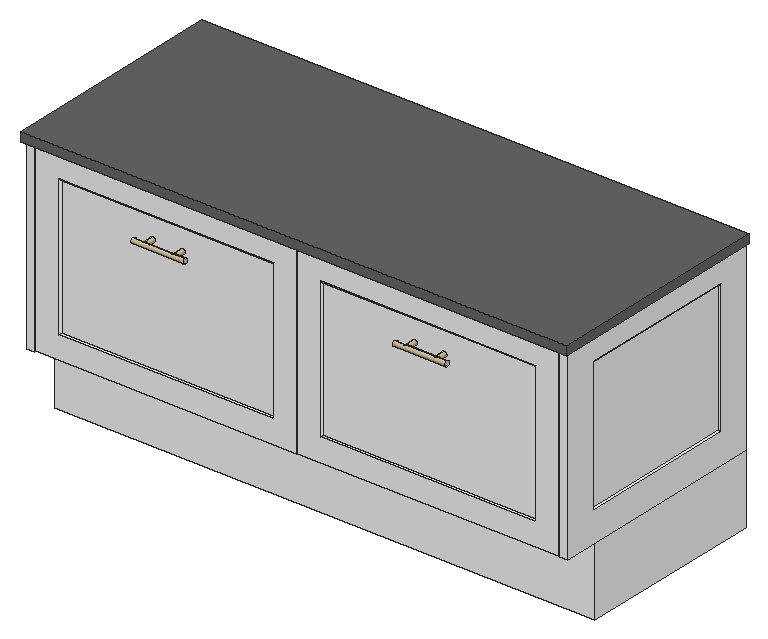
Revit family "Reece_Vanity_Kado_Lux", category Casework, Revit 2018
Family settings
  Work Plane-Based = No
  Always vertical = No
  Cut with Voids When Loaded = Yes
  Shared = Yes
  Room Calculation Point = Yes
Parameters (values of type "Reece_All_Types")
  Width = Reece_Vanity_Top_Width  # 1200 mm
  URL = "https://www.reece.com.au/product/-"
  Type Comments = "Vanity"
  Reece_Wall_Hung [instance] = not(Reece_Floor_Mount)  # no
  Reece_Vanity_Top_Width = 1200 mm
  Reece_Vanity_Top_Height = 580 mm
  Reece_Vanity_Top_Depth = 500 mm
  Reece_Vanity_Double_Bowl [instance] = Reece_Vanity_Bowl_Count = 2  # yes
  Reece_Vanity_Centre_Bowl [instance] = Reece_Vanity_Bowl_Count = 1  # no
  Reece_Vanity_Cabinet_Width [instance] = Reece_Vanity_Top_Width - 12 mm  # 1188 mm
  Reece_Vanity_Cabinet_Kickplate_Depth [instance] = Reece_Vanity_Cabinet_Depth - 75 mm  # 414 mm
  Reece_Vanity_Cabinet_KickplateOrInstallation_Height = 150 mm
  Reece_Vanity_Cabinet_Height [instance] = if(Reece_Floor_Mount, (Reece_Vanity_Top_Height - Reece_Panel_Thickness_Top - Reece_Vanity_Cabinet_KickplateOrInstallation_Height), (Reece_Vanity_Top_Height - Reece_Panel_Thickness_Top))  # 410 mm
  Reece_Vanity_Cabinet_Depth [instance] = Reece_Vanity_Top_Depth - 11 mm  # 489 mm
  Reece_Vanity_Bowl_Count = 2
  Reece_Product_Web Page = "https://www.reece.com.au/product/-"
  Reece_Product_Type = "Vanity"  # constant formula
  Reece_Product_Sub Brand = "Lux"  # constant formula
  Reece_Product_Number = ""
  Reece_Product_Mount = ""
  Reece_Product_Finishes_Web Page = "https://digitalassets.reecegroup.com.au/m/31b9ef17aee8c290/original/Kado-Colour-Finish-and-Material-Variations.pdf"
  Reece_Product_Description = ""
  Reece_Product_Brand = "Kado"  # constant formula
  Reece_Panels_Count = 2
  Reece_Panel_Width [instance] = Reece_Distance_Calculation  # 573.75 mm
  Reece_Panel_Thickness_Top [instance] = 20 mm  # constant formula
  Reece_Panel_Thickness_Side [instance] = 18 mm  # constant formula
  Reece_Panel_Thickness_Front [instance] = 18 mm  # constant formula
  Reece_Panel_Thickness_Bottom [instance] = 18 mm  # constant formula
  Reece_Panel_Thickness_Back [instance] = 18 mm  # constant formula
  Reece_Panel_Height [instance] = Reece_Vanity_Cabinet_Height - (Reece_Panel_Gap * 2)  # 407 mm
  Reece_Panel_Gap [instance] = 1.5 mm  # constant formula
  Reece_Panel_Depth [instance] = Reece_Vanity_Cabinet_Depth  # 489 mm
  Reece_Panel_Count_Doors [instance] = if(Reece_Panels_Count = 1, 2, Reece_Panels_Count)  # 2
  Reece_Material_Secondary = Reece_Acrylic_White
  Reece_Material_Handle = Reece_Brass_Brushed Gold
  Reece_Material_Cabinet = Reece_Acrylic_White
  Reece_Material_Benchtop = Reece_Acrylic_Grey
  Reece_Floor_Mount = yes
  Reece_Drawer_Width [instance] = Reece_Distance_Calculation  # 573.75 mm
  Reece_Panel_Offset [instance] = ((Reece_Distance_Calculation / 2) + Reece_Panel_Thickness_Side) + Reece_Panel_Gap  # 306.375 mm
  Reece_Drawer_Height [instance] = (Reece_Vanity_Cabinet_Height / 2) - (Reece_Panel_Gap * 2)  # 202 mm
  Reece_Drawer_Handle_Width [instance] = if(Reece_Door_Switch, 115 mm, 245 mm)  # 115 mm
  Reece_Drawer_Depth [instance] = Reece_Vanity_Cabinet_Depth - Reece_Panel_Thickness_Back - Reece_Panel_Thickness_Front - Reece_Panel_Thickness_Back - 120 mm  # 315 mm
  Reece_Drawer 02 [instance] = and(if(Reece_Panels_Count = 2, 1 = 1, 1 = 0), not(Reece_Door_Switch))  # no
  Reece_Drawer 01 [instance] = and(or(Reece_Panels_Count = 1, Reece_Panels_Count = 2), not(Reece_Door_Switch))  # no
  Reece_Door_Switch = yes
  Reece_Distance_Calculation [instance] = ((Reece_Vanity_Cabinet_Width) - (Reece_Panel_Thickness_Side * 2) - ((Reece_Panels_Count + 1) * Reece_Panel_Gap)) / (Reece_Panels_Count)  # 573.75 mm
  Reece_Detail_Taphole Configuration = ""
  Reece_Detail_Disclaimer = "THIS FILE IS THE PROPERTY OF THE REECE GROUP. IT MAY NOT BE REPRODUCED, REVERSE-ENGINEERED OR MODIFIED. ANY REPUBLICATION, TRANSMISSION OR DISTRIBUTION FOR THE PURPOSE OF COMMERCIALLY EXPLOITING THE FILES IS PROHIBITED."  # constant formula
  Reece_Detail_Bowl Type = ""
  Reece_Detail_Additional = "Please refer to Colour, Finish and Material Variations Document in the Reece_Product_Finishes_Web Page parameter for more information."  # constant formula
  Reece_Centre_Panel [instance] = if(Reece_Panels_Count > 1, 1 = 1, 1 = 0)  # yes
  Model = "Lux"
  Manufacturer = "Kado"
  Keynote = "Product #, Reece_Vanity_Kado_Lux - Reece_All_Types"
  Height = Reece_Vanity_Top_Height  # 580 mm
  Finish = "Please refer to Colour, Finish and Material Variations Document in the Reece_Product_Finishes_Web Page parameter for more information."
  Disclaimer = "THIS FILE IS THE PROPERTY OF THE REECE GROUP. IT MAY NOT BE REPRODUCED, REVERSE-ENGINEERED OR MODIFIED. ANY REPUBLICATION, TRANSMISSION OR DISTRIBUTION FOR THE PURPOSE OF COMMERCIALLY EXPLOITING THE FILES IS PROHIBITED."  # constant formula
  Description = "-"
  Depth = Reece_Vanity_Top_Depth  # 500 mm
Reference planes
  plane 1 "Center (Front/Back)": y = 370
  plane 2 "Bottom Host Plane": z = 150
  plane 3 "Center (Left/Right)": x = 0
  plane 4: x = -594
  plane 5: x = 594
  plane 6 "Top Host Plane": z = 580
  plane 7: y = -119
  plane 8: x = -576
  plane 9: x = 576
  plane 10 "Top p": z = 560
  plane 11: z = 252.5
  plane 12: z = 457.5
  plane 13: z = 355
  plane 14: y = 352
  plane 15: z = 168
  plane 16: y = -101
  plane 17: y = -83
  plane 18 "Top q": z = 480
  plane 19: x = -600
  plane 20: x = 600
  plane 21: y = -130
  plane 22: y = -44
  plane 23: y = -26
  plane 24: y = 302
  plane 25 "Top r": z = 510
  plane 26: y = -51
  plane 27: z = 218
  plane 28: x = 590.5
  plane 29: x = -590.5
  plane 30: x = -287.625
  plane 31: x = 287.625
  plane 32: y = 120
  plane 33: x = -9
  plane 34: x = 9
Forms (mm)
  Extrusion 1, solid, material "Reece_Acrylic_White" <- "Reece_Material_Cabinet"
    sketch origin (0, 0, 0) x (0, 1, 0) y (0, 0, 1)
      loop
        line (352, 560) -> (352, 150) -> (370, 150) -> (370, 560) -> (352, 560)
    from -594 to 594
  Extrusion 2, solid, material "Reece_Acrylic_White" <- "Reece_Material_Cabinet"
    sketch origin (-821.21, -100, 1200) x (-1, 0, 0) y (0, 0, -1)
      loop
        line (-227.21, 640) -> (-227.21, 1050) -> (-245.21, 1050) -> (-245.21, 640) -> (-227.21, 640)
      loop
        line (-1415.21, 640) -> (-1397.21, 640) -> (-1397.21, 1050) -> (-1415.21, 1050) -> (-1415.21, 640)
    from -452 to 19
  Extrusion 3, solid, material "Reece_Acrylic_White" <- "Reece_Material_Cabinet"
    sketch origin (0, 0, 0) x (0, 1, 0) y (0, 0, 1)
      loop
        line (352, 168) -> (-101, 168) -> (-101, 150) -> (352, 150) -> (352, 168)
    from -576 to 576
  Extrusion 4, solid, material "Reece_Acrylic_Grey" <- "Reece_Material_Benchtop"
    sketch origin (-821.21, -100, 1200) x (-1, 0, 0) y (0, 0, -1)
      loop
        line (-221.21, 620) -> (-221.21, 640) -> (-1421.21, 640) -> (-1421.21, 620) -> (-221.21, 620)
    from -470 to 30
  Extrusion 5, solid, material "Reece_Acrylic_White" <- "Reece_Material_Cabinet"
    sketch origin (0, 0, 0) x (0, 1, 0) y (0, 0, 1)
      loop
        line (-83, 480) -> (-83, 560) -> (-101, 560) -> (-101, 480) -> (-83, 480)
    from -576 to 576
  Extrusion 6, solid, material "Reece_Acrylic_White" <- "Reece_Material_Cabinet", visible <- "Reece_Floor_Mount"
    sketch origin (0, 0, 0) x (0, 1, 0) y (0, 0, 1)
      loop
        line (-44, 150) -> (-44, 0) -> (-26, 0) -> (-26, 150) -> (-44, 150)
      loop
        line (352, 150) -> (352, 0) -> (370, 0) -> (370, 150) -> (352, 150)
    from -594 to 594
  Extrusion 7, solid, material "Reece_Acrylic_White" <- "Reece_Material_Cabinet", visible <- "Reece_Floor_Mount"
    sketch origin (-821.21, -100, 1200) x (-1, 0, 0) y (0, 0, -1)
      loop
        line (-227.21, 1050) -> (-227.21, 1200) -> (-245.21, 1200) -> (-245.21, 1050) -> (-227.21, 1050)
      loop
        line (-1397.21, 1050) -> (-1397.21, 1200) -> (-1415.21, 1200) -> (-1415.21, 1050) -> (-1397.21, 1050)
    from -452 to -74
  Sweep 8, void
    path origin (0, 0, 0) x (0, 1, 0) y (0, 0, 1)
      loop
        line (302, 510) -> (-51, 510) -> (-51, 218) -> (302, 218) -> (302, 510)
    profile origin (0, 125.5, 510) x (0, 0, -1) y (1, 0, 0)
      loop
        line (0, 594) -> (3.5, 590.5) -> (20, 590.5) -> (20, 594) -> (0, 594)
      loop
        line (0, -594) -> (20, -594) -> (20, -590.5) -> (3.5, -590.5) -> (0, -594)
  Extrusion 9, void
    sketch origin (0, 0, 0) x (0, 1, 0) y (0, 0, 1)
      loop
        line (-31, 490) -> (-31, 238) -> (282, 238) -> (282, 490) -> (-31, 490)
    from 590.5 to 594
  Extrusion 10, void
    sketch origin (0, 0, 0) x (0, 1, 0) y (0, 0, -1)
      loop
        line (-31, -490) -> (282, -490) -> (282, -238) -> (-31, -238) -> (-31, -490)
    from 590.5 to 594
  Extrusion 11, solid, material "Reece_Acrylic_White" <- "Reece_Material_Cabinet", visible <- "Reece_Centre_Panel"
    sketch origin (0, 0, 0) x (0, 1, 0) y (0, 0, 1)
      loop
        line (352, 457.5) -> (9, 457.5)
        arc (9, 457.5) -> (-33.426, 475.074) -> (-51, 517.5) r 60
        line (-51, 517.5) -> (-51, 510) -> (-101, 510) -> (-101, 168) -> (352, 168) -> (352, 457.5)
    from -9 to 9
Cuts and joins
  Sweep 8, Extrusion 9, Extrusion 10 cuts Extrusion 2
  joined: Extrusion 1, Extrusion 2
  joined: Extrusion 6, Extrusion 7
Text (mm)
  text "Reece ©" at (2431.58, -2003.497, 3581.736), in view "Reece Preview"
  text "Reece Copyright © 2018, Reece Ltd." at (-526.759, -805.113, 0), in view "Ref. Level"
Dimensions and locks
  "Reece_Vanity_Cabinet_Height": plane 10 "Top p" to plane 2 "Bottom Host Plane"
  "Reece_Vanity_Cabinet_Width": plane 5 to plane 4
  "Reece_Vanity_Cabinet_Depth": plane 7 to plane 1 "Center (Front/Back)"
  equal spacing: plane 5, plane 3 "Center (Left/Right)", plane 4
  equal spacing: plane 10 "Top p", plane 12, plane 13, plane 11, plane 2 "Bottom Host Plane"
  "Reece_Panel_Thickness_Side": plane 8 to plane 4
  "Reece_Panel_Thickness_Side": plane 9 to plane 5
  "Reece_Panel_Thickness_Back": plane 14 to plane 1 "Center (Front/Back)"
  "Reece_Panel_Thickness_Bottom": plane 15 to plane 2 "Bottom Host Plane"
  "Reece_Panel_Thickness_Top": plane 10 "Top p" to plane 6 "Top Host Plane"
  "Reece_Panel_Thickness_Front": plane 16 to plane 17
  "Reece_Vanity_Top_Width": plane 20 to plane 19
  equal spacing: plane 20, plane 3 "Center (Left/Right)", plane 19
  "Reece_Vanity_Top_Depth": plane 21 to plane 1 "Center (Front/Back)"
  "Reece_Panel_Thickness_Front": plane 7 to plane 16
  "Reece_Vanity_Cabinet_KickplateOrInstallation_Height": plane 2 "Bottom Host Plane" to level
  "Reece_Vanity_Cabinet_Kickplate_Depth": plane 22 to plane 1 "Center (Front/Back)"
  "Reece_Panel_Thickness_Front": plane 22 to plane 23
  plane 6 "Top Host Plane" to level = 580 mm  (x2)
  locked: plane 25 "Top r" to plane 10 "Top p" at 50
  locked: plane 27 to plane 15 at 50
  locked: plane 16 to plane 26 at 50
  locked: plane 24 to plane 14 at 50
  locked: plane 28 to plane 5 at 3.5
  locked: plane 29 to plane 4 at 3.5
  locked: plane 18 "Top q" to plane 10 "Top p" at 80
  equal spacing: plane 31, plane 3 "Center (Left/Right)", plane 30
  "Reece_Panel_Offset": plane 30 to plane 4
  group 1 to group 2 = 575.25 mm
  group 1 to group 2 = 0 mm  (x2)
  equal spacing: plane 21, plane 32, plane 1 "Center (Front/Back)"
  equal spacing: plane 8, nested 7, plane 33
  equal spacing: plane 34, nested 8, plane 9
  plane 4 to plane 8 = 18 mm
  equal spacing: plane 33, plane 3 "Center (Left/Right)", plane 34
  "Reece_Panel_Thickness_Side": plane 33 to plane 34
  aligned and locked: plane 1 "Center (Front/Back)" to nested 1
  aligned and locked: Extrusion 1 sketch curve to plane 14
  aligned and locked: Extrusion 1 sketch curve to nested 1
  aligned and locked: Extrusion 2 sketch curve to plane 8
  aligned and locked: plane 4 to Extrusion 2 sketch curve
  aligned and locked: plane 10 "Top p" to Extrusion 2 sketch curve
  aligned and locked: Extrusion 2 sketch curve to plane 5
  aligned and locked: Extrusion 2 sketch curve to plane 10 "Top p"
  aligned and locked: plane 9 to Extrusion 2 sketch curve
  aligned and locked: plane 15 to Extrusion 3 sketch curve
  aligned and locked: plane 16 to Extrusion 3 sketch curve
  aligned and locked: Extrusion 3 sketch curve to plane 14
  aligned and locked: plane 6 "Top Host Plane" to Extrusion 4 sketch curve
  aligned and locked: plane 19 to Extrusion 4 sketch curve
  aligned and locked: Extrusion 4 sketch curve to plane 10 "Top p"
  aligned and locked: plane 20 to Extrusion 4 sketch curve
  aligned and locked: Extrusion 4 to plane 1 "Center (Front/Back)"
  aligned and locked: plane 21 to Extrusion 4
  aligned and locked: Extrusion 5 sketch curve to plane 18 "Top q"
  aligned and locked: plane 17 to Extrusion 5 sketch curve
  aligned and locked: plane 10 "Top p" to Extrusion 5 sketch curve
  aligned and locked: Extrusion 5 sketch curve to plane 16
  aligned and locked: Extrusion 5 to plane 9
  aligned and locked: Extrusion 5 to plane 8
  aligned and locked: Extrusion 3 to plane 2 "Bottom Host Plane"
  aligned and locked: Extrusion 1 to plane 2 "Bottom Host Plane"
  aligned and locked: Extrusion 2 to plane 2 "Bottom Host Plane"  (x2)
  aligned and locked: Extrusion 6 sketch curve to plane 2 "Bottom Host Plane"
  aligned and locked: plane 22 to Extrusion 6 sketch curve
  aligned and locked: Extrusion 6 sketch curve to level  (x2)
  aligned and locked: Extrusion 6 sketch curve to plane 23
  aligned and locked: Extrusion 2 to Extrusion 6 sketch curve
  aligned and locked: Extrusion 6 sketch curve to Extrusion 1
  aligned and locked: plane 1 "Center (Front/Back)" to Extrusion 6 sketch curve
  aligned and locked: Extrusion 6 to plane 5
  aligned and locked: Extrusion 6 to plane 4
  aligned and locked: Extrusion 1 to plane 5
  aligned and locked: Extrusion 1 to plane 4
  aligned and locked: Extrusion 3 to plane 9
  aligned and locked: Extrusion 3 to plane 8
  aligned and locked: Extrusion 7 sketch curve to Extrusion 1  (x2)
  aligned and locked: level to Extrusion 7 sketch curve
  aligned and locked: Extrusion 7 sketch curve to plane 8
  aligned and locked: Extrusion 3 to Extrusion 7 sketch curve
  aligned and locked: Extrusion 7 sketch curve to Extrusion 2
  aligned and locked: Extrusion 7 sketch curve to Extrusion 6  (x2)
  aligned and locked: Extrusion 7 to plane 14
  aligned and locked: Extrusion 7 to plane 23
  aligned and locked: Sweep 8 sketch curve to plane 25 "Top r"
  aligned and locked: Sweep 8 sketch curve to plane 24
  aligned and locked: Sweep 8 sketch curve to plane 27
  aligned and locked: Sweep 8 sketch curve to plane 26
  aligned and locked: plane 5 to Sweep 8 sketch curve
  aligned and locked: Sweep 8 sketch curve to plane 4
  aligned and locked: Extrusion 9 sketch curve to cut or joined group of Extrusion 1, Extrusion 2, Sweep 8, Extrusion 9, Extrusion 10  (x4)
  aligned and locked: Extrusion 9 to plane 5
  aligned and locked: cut or joined group of Extrusion 1, Extrusion 2, Sweep 8, Extrusion 9, Extrusion 10 to Extrusion 9
  aligned and locked: Sweep 8 to Extrusion 10
  aligned and locked: plane 29 to Sweep 8 sketch curve
  aligned and locked: Sweep 8 sketch curve to plane 28
  aligned and locked: plane 30 to nested 2
  aligned and locked: plane 30 to nested 1
  aligned and locked: plane 31 to nested 4
  aligned and locked: plane 31 to nested 3
  aligned and locked: Extrusion 10 to plane 4
  aligned and locked: plane 1 "Center (Front/Back)" to nested 2
  aligned and locked: plane 1 "Center (Front/Back)" to nested 5
  aligned and locked: plane 30 to nested 5
  aligned and locked: plane 31 to nested 6
  aligned and locked: nested 6 to plane 13
  aligned and locked: plane 1 "Center (Front/Back)" to nested 6
  aligned and locked: nested 2 to plane 12
  aligned and locked: nested 1 to plane 11
  aligned and locked: nested 3 to plane 11
  aligned and locked: nested 4 to plane 12
  aligned and locked: nested 5 to plane 13
  aligned and locked: plane 7 to cut or joined group of Extrusion 1, Extrusion 2, Sweep 8, Extrusion 9, Extrusion 10
  aligned and locked: nested 7 to plane 32
  aligned and locked: plane 3 "Center (Left/Right)" to nested 9
  aligned and locked: Extrusion 10 sketch curve to cut or joined group of Extrusion 1, Extrusion 2, Sweep 8, Extrusion 9, Extrusion 10  (x4)
  aligned and locked: Extrusion 11 sketch curve to plane 14
  aligned and locked: Extrusion 11 sketch curve to plane 15
  aligned and locked: plane 16 to Extrusion 11 sketch curve
  aligned and locked: plane 12 to Extrusion 11 sketch curve
  aligned and locked: plane 25 "Top r" to Extrusion 11 sketch curve
  aligned and locked: Extrusion 11 sketch curve to cut or joined group of Extrusion 1, Extrusion 2, Sweep 8, Extrusion 9, Extrusion 10
  aligned and locked: Extrusion 11 to plane 33
  aligned and locked: Extrusion 11 to plane 34
  aligned and locked: nested 9 to plane 32
  aligned and locked: nested 8 to plane 32
Automatic sketch dimensions
  Extrusion 1 sketch curve to plane 2 "Bottom Host Plane" = 0 mm
  plane 10 "Top p" to Extrusion 1 sketch curve = 0 mm
  Extrusion 2 sketch curve to plane 2 "Bottom Host Plane" = 0 mm  (x2)
  Extrusion 3 sketch curve to plane 2 "Bottom Host Plane" = 0 mm
  Sweep 8 sketch curve to profile plane = 0 mm  (x2)
  Sweep 8 sketch curve to profile plane = 3.5 mm  (x2)
  Sweep 8 sketch curve to Sweep 8 sketch curve = 16.5 mm  (x2)
  plane 23 to Extrusion 11 sketch curve = 35 mm
Nested families
  nested 1: "Reece_Vanity_Kado_Lux_Wall Hung_Drawer" at (-287.625, 0, 151.5), Reece_Overall_Depth <- "Reece_Vanity_Cabinet_Depth", Reece_Overall_Width <- "Reece_Drawer_Width", Reece_Overall_Height <- "Reece_Drawer_Height", visible <- "Reece_Drawer 01", Reece_Drawer <- "Reece_Drawer 01", Reece_Drawer_Depth <- "Reece_Drawer_Depth", Reece_Drawer_Handle_Width <- "Reece_Drawer_Handle_Width", type "Type 01"
    with Reece_Panel_Thickness_Side 15 mm, Reece_Panel_Thickness_Front 18 mm, Reece_Panel_Thickness_Bottom 15 mm, Reece_Panel_Thickness_Back 18 mm, Reece_Overall_Width 573.75 mm, Reece_Overall_Height 202 mm, Reece_Overall_Depth 489 mm, Reece_Handle_Offset 100 mm, Reece_Drawer_Width 493.75 mm, Reece_Drawer_Height 224.3 mm, Reece_Drawer_Handle_Width 115 mm, Reece_Drawer_Depth 315 mm, Reece_Drawer no, Reece_Drawer_Offset_Back 138 mm
  nested 2: "Reece_Vanity_Kado_Lux_Wall Hung_Drawer" at (-287.625, 0, 356.5), Reece_Overall_Depth <- "Reece_Vanity_Cabinet_Depth", Reece_Overall_Width <- "Reece_Drawer_Width", Reece_Overall_Height <- "Reece_Drawer_Height", visible <- "Reece_Drawer 01", Reece_Drawer <- "Reece_Drawer 01", Reece_Drawer_Depth <- "Reece_Drawer_Depth", Reece_Drawer_Handle_Width <- "Reece_Drawer_Handle_Width", type "Type 01"
    with Reece_Panel_Thickness_Side 15 mm, Reece_Panel_Thickness_Front 18 mm, Reece_Panel_Thickness_Bottom 15 mm, Reece_Panel_Thickness_Back 18 mm, Reece_Overall_Width 573.75 mm, Reece_Overall_Height 202 mm, Reece_Overall_Depth 489 mm, Reece_Handle_Offset 100 mm, Reece_Drawer_Width 493.75 mm, Reece_Drawer_Height 100 mm, Reece_Drawer_Handle_Width 115 mm, Reece_Drawer_Depth 315 mm, Reece_Drawer no, Reece_Drawer_Offset_Back 138 mm
  nested 3: "Reece_Vanity_Kado_Lux_Wall Hung_Drawer" at (287.625, 0, 151.5), Reece_Overall_Depth <- "Reece_Vanity_Cabinet_Depth", Reece_Overall_Width <- "Reece_Drawer_Width", Reece_Overall_Height <- "Reece_Drawer_Height", visible <- "Reece_Drawer 02", Reece_Drawer <- "Reece_Drawer 01", Reece_Drawer_Depth <- "Reece_Drawer_Depth", Reece_Drawer_Handle_Width <- "Reece_Drawer_Handle_Width", type "Type 01"
    with Reece_Panel_Thickness_Side 15 mm, Reece_Panel_Thickness_Front 18 mm, Reece_Panel_Thickness_Bottom 15 mm, Reece_Panel_Thickness_Back 18 mm, Reece_Overall_Width 573.75 mm, Reece_Overall_Height 202 mm, Reece_Overall_Depth 489 mm, Reece_Handle_Offset 100 mm, Reece_Drawer_Width 493.75 mm, Reece_Drawer_Height 224.3 mm, Reece_Drawer_Handle_Width 115 mm, Reece_Drawer_Depth 315 mm, Reece_Drawer no, Reece_Drawer_Offset_Back 138 mm
  nested 4: "Reece_Vanity_Kado_Lux_Wall Hung_Drawer" at (287.625, 0, 356.5), Reece_Overall_Depth <- "Reece_Vanity_Cabinet_Depth", Reece_Overall_Width <- "Reece_Drawer_Width", Reece_Overall_Height <- "Reece_Drawer_Height", visible <- "Reece_Drawer 02", Reece_Drawer <- "Reece_Drawer 01", Reece_Drawer_Depth <- "Reece_Drawer_Depth", Reece_Drawer_Handle_Width <- "Reece_Drawer_Handle_Width", type "Type 01"
    with Reece_Panel_Thickness_Side 15 mm, Reece_Panel_Thickness_Front 18 mm, Reece_Panel_Thickness_Bottom 15 mm, Reece_Panel_Thickness_Back 18 mm, Reece_Overall_Width 573.75 mm, Reece_Overall_Height 202 mm, Reece_Overall_Depth 489 mm, Reece_Handle_Offset 100 mm, Reece_Drawer_Width 493.75 mm, Reece_Drawer_Height 100 mm, Reece_Drawer_Handle_Width 115 mm, Reece_Drawer_Depth 315 mm, Reece_Drawer no, Reece_Drawer_Offset_Back 138 mm
  nested 5: "Reece_Vanity_Kado_Lux_Wall Hung_Drawer" at (-287.625, 0, 151.5), Reece_Overall_Depth <- "Reece_Panel_Depth", Reece_Overall_Height <- "Reece_Panel_Height", Reece_Overall_Width <- "Reece_Panel_Width", visible <- "Reece_Door_Switch", Reece_Drawer <- "Reece_Drawer 01", Reece_Drawer_Handle_Width <- "Reece_Drawer_Handle_Width", type "Type 01"
    with Reece_Panel_Thickness_Side 15 mm, Reece_Panel_Thickness_Front 18 mm, Reece_Panel_Thickness_Bottom 15 mm, Reece_Panel_Thickness_Back 18 mm, Reece_Overall_Width 573.75 mm, Reece_Overall_Height 407 mm, Reece_Overall_Depth 489 mm, Reece_Handle_Offset 100 mm, Reece_Drawer_Width 493.75 mm, Reece_Drawer_Height 224.3 mm, Reece_Drawer_Handle_Width 115 mm, Reece_Drawer_Depth 334 mm, Reece_Drawer no, Reece_Drawer_Offset_Back 119 mm
  nested 6: "Reece_Vanity_Kado_Lux_Wall Hung_Drawer" at (287.625, 0, 151.5), Reece_Overall_Depth <- "Reece_Panel_Depth", Reece_Overall_Height <- "Reece_Panel_Height", Reece_Overall_Width <- "Reece_Panel_Width", visible <- "Reece_Door_Switch", Reece_Drawer <- "Reece_Drawer 01", Reece_Drawer_Handle_Width <- "Reece_Drawer_Handle_Width", type "Type 01"
    with Reece_Panel_Thickness_Side 15 mm, Reece_Panel_Thickness_Front 18 mm, Reece_Panel_Thickness_Bottom 15 mm, Reece_Panel_Thickness_Back 18 mm, Reece_Overall_Width 573.75 mm, Reece_Overall_Height 407 mm, Reece_Overall_Depth 489 mm, Reece_Handle_Offset 100 mm, Reece_Drawer_Width 493.75 mm, Reece_Drawer_Height 224.3 mm, Reece_Drawer_Handle_Width 115 mm, Reece_Drawer_Depth 334 mm, Reece_Drawer no, Reece_Drawer_Offset_Back 119 mm
  nested 7: "Reece_Casework_Attachment_Point_Cross" at (-292.5, 120, 580), visible <- "Reece_Vanity_Double_Bowl", type "Reece_Casework_Attachment_Point_Cross"
  nested 8: "Reece_Casework_Attachment_Point_Cross" at (292.5, 120, 580), visible <- "Reece_Vanity_Double_Bowl", type "Reece_Casework_Attachment_Point_Cross"
  nested 9: "Reece_Casework_Attachment_Point_Cross" at (0, 120, 580), visible <- "Reece_Vanity_Centre_Bowl", type "Reece_Casework_Attachment_Point_Cross"
Definition of nested family "Reece_Vanity_Kado_Lux_Wall Hung_Drawer"
  Parameters (values of type "Type 01")
    Reece_Product_Web Page = ""
    Reece_Product_Type = ""
    Reece_Product_Sub Brand = ""
    Reece_Product_Number = ""
    Reece_Product_Mount = ""
    Reece_Product_Description = ""
    Reece_Product_Brand = ""
    Reece_Panel_Thickness_Side [instance] = 15 mm
    Reece_Panel_Thickness_Front [instance] = 18 mm
    Reece_Panel_Thickness_Bottom [instance] = 15 mm
    Reece_Panel_Thickness_Back [instance] = 18 mm
    Reece_Overall_Width [instance] = 548 mm
    Reece_Overall_Height [instance] = 277.3 mm
    Reece_Overall_Depth [instance] = 470 mm
    Reece_Material_Secondary = none
    Reece_Material_Main = none
    Reece_Material_Handle = none
    Reece_Handle_Offset [instance] = if(Reece_Drawer, (Reece_Overall_Height / 2), 100 mm)  # 100 mm
    Reece_Drawer_Width [instance] = Reece_Overall_Width - 80 mm  # 468 mm
    Reece_Drawer_Offset_Back [instance] = 100 mm
    Reece_Drawer_Height [instance] = 224.3 mm
    Reece_Drawer_Handle_Width [instance] = 245 mm
    Reece_Drawer_Depth [instance] = 334 mm
    Reece_Drawer [instance] = no
    Reece_Detail_Shape = ""
    Reece_Detail_Installation = ""
    Reece_Detail_Connector = ""
    Reece_Detail_Additional = ""
  Reference planes
    plane 1 "Center (Front/Back)": y = 370
    plane 2 "Bottom Host Plane": z = 0
    plane 3 "Center (Left/Right)": x = 0
    plane 4: x = -274
    plane 5: y = 270
    plane 6: x = 274
    plane 7 "Top Host Plane": z = 277.3
    plane 8: y = 252
    plane 9: y = -100
    plane 10: y = -82
    plane 11: x = -234
    plane 12: x = 234
    plane 13: z = 18
    plane 14: z = 33
    plane 15: z = 242.3
    plane 16: x = -219
    plane 17: x = 219
    plane 18: z = 227.3
    plane 19: z = 50
    plane 20: x = -224
    plane 21: x = 224
    plane 22: z = 177.3
    plane 23: x = 122.5
    plane 24: x = -122.5
    plane 25: x = -97.5
    plane 26: x = 97.5
    plane 27: y = -96.464
    plane 28 "Centre": z = 138.65
  Forms (mm)
    Extrusion 1, solid, material <- "Reece_Material_Secondary", visible <- "Reece_Drawer"
      sketch origin (0, 370, 0) x (1, 0, 0) y (0, 0, 1)
        loop
          line (-234, 242.3) -> (-234, 33) -> (-219, 33) -> (-219, 242.3) -> (-234, 242.3)
        loop
          line (219, 242.3) -> (219, 33) -> (234, 33) -> (234, 242.3) -> (219, 242.3)
      from 118 to 452
    Extrusion 2, solid, material <- "Reece_Material_Secondary", visible <- "Reece_Drawer"
      sketch origin (0, 0, 0) x (0, 1, 0) y (0, 0, 1)
        loop
          line (252, 242.3) -> (252, 33) -> (270, 33) -> (270, 242.3) -> (252, 242.3)
      from -234 to 234
    Extrusion 3, solid, material <- "Reece_Material_Secondary", visible <- "Reece_Drawer"
      sketch origin (0, 370, 0) x (1, 0, 0) y (0, 0, 1)
        loop
          line (-234, 18) -> (234, 18) -> (234, 33) -> (-234, 33) -> (-234, 18)
      from 100 to 452
    Extrusion 4, solid, material <- "Reece_Material_Main"
      sketch origin (0, 0, 0) x (0, 1, 0) y (0, 0, 1)
        loop
          line (-100, 277.3) -> (-100, 0) -> (-82, 0) -> (-82, 277.3) -> (-100, 277.3)
      from -274 to 274
    Sweep 5, void
      path origin (0, 370, 0) x (1, 0, 0) y (0, 0, 1)
        loop
          line (-224, 227.3) -> (-224, 50) -> (224, 50) -> (224, 227.3) -> (-224, 227.3)
      profile origin (0, 370, 227.3) x (0, 0, 1) y (0, -1, 0)
        loop
          line (0, 470) -> (-8.536, 470) -> (-8.536, 466.464) -> (-3.536, 466.464) -> (0, 470)
    Extrusion 6, void
      sketch origin (0, 370, 0) x (1, 0, 0) y (0, 0, 1)
        loop
          line (-215.464, 218.764) -> (-215.464, 58.536) -> (215.464, 58.536) -> (215.464, 218.764) -> (-215.464, 218.764)
      from 466.464 to 470
    Sweep 7, solid, material <- "Reece_Material_Handle"
      path origin (-821.21, -100, 1200) x (-1, 0, 0) y (0, 0, 1)
        loop
          line (-698.71, -1022.7) -> (-943.71, -1022.7)
      profile origin (0, -100, 177.3) x (0, 0, 1) y (0, -1, 0)
        loop
          circle (0, 20) r 5
    Sweep 8, solid, material <- "Reece_Material_Handle"
      path origin (0, 0, 0) x (0, 1, 0) y (0, 0, 1)
        loop
          line (-96.464, 177.3) -> (-120, 177.3)
      profile origin (0, -108.232, 177.3) x (0, 0, -1) y (1, 0, 0)
        loop
          circle (0, -97.5) r 5
        loop
          circle (0, 97.5) r 5
  Cuts and joins
    Sweep 5, Extrusion 6 cuts Extrusion 4
    Extrusion 6 cuts Extrusion 2
    joined: Sweep 7, Sweep 8
  Text (mm)
    text "Reece ©" at (2681.737, -2327.894, 3007.181), in view "Reece Preview"
    text "Reece Copyright © 2018, Reece Ltd." at (-526.759, -805.113, 0), in view "Ref. Level"
  Dimensions and locks
    equal spacing: plane 4, plane 3 "Center (Left/Right)", plane 6
    "Reece_Overall_Height": plane 7 "Top Host Plane" to plane 2 "Bottom Host Plane"
    "Reece_Drawer_Width": plane 12 to plane 11
    equal spacing: plane 12, plane 3 "Center (Left/Right)", plane 11
    "Reece_Panel_Thickness_Front": plane 9 to plane 10
    "Reece_Panel_Thickness_Back": plane 8 to plane 5
    "Reece_Overall_Depth": plane 9 to plane 1 "Center (Front/Back)"
    "Reece_Overall_Width": plane 6 to plane 4
    "Reece_Drawer_Depth": plane 10 to plane 8
    "Reece_Panel_Thickness_Bottom": plane 14 to plane 13
    "Reece_Drawer_Offset_Back": plane 5 to plane 1 "Center (Front/Back)"
    "Reece_Drawer_Height": plane 15 to plane 13
    "Reece_Panel_Thickness_Side": plane 16 to plane 11
    "Reece_Panel_Thickness_Side": plane 17 to plane 12
    locked: plane 7 "Top Host Plane" to plane 18 at 50
    locked: plane 19 to level at 50
    equal spacing: plane 24, plane 3 "Center (Left/Right)", plane 23
    locked: plane 24 to plane 25 at 25
    locked: plane 23 to plane 26 at 25
    Sweep 7 sketch curve to profile plane = 20 mm
    locked: Sweep 8 sketch curve to plane 9 at 20
    "Reece_Drawer_Handle_Width": plane 24 to plane 23
    locked: plane 4 to plane 20 at 50
    locked: plane 21 to plane 6 at 50
    equal spacing: plane 20, plane 3 "Center (Left/Right)", plane 21
    locked: plane 9 to plane 27 at 3.536
    locked: plane 25 to Sweep 8 sketch curve at 5
    locked: Sweep 8 sketch curve to plane 26 at 5
    "Reece_Handle_Offset": plane 7 "Top Host Plane" to plane 22
    equal spacing: plane 7 "Top Host Plane", plane 28 "Centre", plane 2 "Bottom Host Plane"
    aligned and locked: Extrusion 1 sketch curve to plane 15  (x2)
    aligned and locked: plane 11 to Extrusion 1 sketch curve
    aligned and locked: Extrusion 1 sketch curve to plane 16
    aligned and locked: plane 14 to Extrusion 1 sketch curve  (x2)
    aligned and locked: Extrusion 1 sketch curve to plane 17
    aligned and locked: plane 12 to Extrusion 1 sketch curve
    aligned and locked: plane 10 to Extrusion 1
    aligned and locked: plane 8 to Extrusion 1
    aligned and locked: Extrusion 1 to Extrusion 2 sketch curve
    aligned and locked: plane 14 to Extrusion 2 sketch curve
    aligned and locked: Extrusion 2 sketch curve to plane 5
    aligned and locked: plane 8 to Extrusion 2 sketch curve
    aligned and locked: Extrusion 2 to plane 11
    aligned and locked: Extrusion 2 to plane 12
    aligned and locked: Extrusion 3 sketch curve to plane 13
    aligned and locked: Extrusion 3 sketch curve to plane 11
    aligned and locked: Extrusion 3 sketch curve to Extrusion 2
    aligned and locked: Extrusion 3 sketch curve to Extrusion 1
    aligned and locked: plane 10 to Extrusion 3
    aligned and locked: plane 5 to Extrusion 3
    aligned and locked: plane 7 "Top Host Plane" to Extrusion 4 sketch curve
    aligned and locked: Extrusion 4 sketch curve to plane 9
    aligned and locked: plane 2 "Bottom Host Plane" to Extrusion 4 sketch curve
    aligned and locked: plane 10 to Extrusion 4 sketch curve
    aligned and locked: Extrusion 4 to plane 4
    aligned and locked: Extrusion 4 to plane 6
    aligned and locked: Sweep 5 sketch curve to plane 18
    aligned and locked: Sweep 5 sketch curve to plane 20
    aligned and locked: Sweep 5 sketch curve to plane 19
    aligned and locked: plane 21 to Sweep 5 sketch curve
    aligned and locked: Extrusion 6 sketch curve to cut or joined group of Extrusion 4, Sweep 5, Extrusion 6  (x4)
    aligned and locked: plane 9 to Extrusion 6
    aligned and locked: cut or joined group of Extrusion 4, Sweep 5, Extrusion 6 to Extrusion 6  (x2)
    aligned and locked: Sweep 7 sketch curve to plane 22
    aligned and locked: plane 23 to Sweep 7 sketch curve
    aligned and locked: plane 24 to Sweep 7 sketch curve
    aligned and locked: cut or joined group of Extrusion 4, Sweep 5, Extrusion 6 to plane 4
    aligned and locked: plane 27 to Sweep 5 sketch curve
    aligned and locked: Sweep 5 sketch curve to plane 9
    aligned and locked: Extrusion 6 to plane 27
    aligned and locked: plane 27 to Sweep 8 sketch curve
  Automatic sketch dimensions
    profile plane to Sweep 7 sketch curve = 0 mm
    Sweep 8 sketch curve to profile plane = 0 mm  (x2)
    profile plane to Sweep 5 sketch curve = 0 mm
    profile plane to Sweep 5 sketch curve = 3.536 mm
    Sweep 5 sketch curve to Sweep 5 sketch curve = 5 mm
    Sweep 8 sketch curve to plane 22 = 0 mm
    radius of Sweep 7 sketch curve = 5 mm
    radius of Sweep 8 sketch curve = 5 mm  (x2)
Definition of nested family "Reece_Casework_Attachment_Point_Cross"
  Parameters (values of type "Reece_Casework_Attachment_Point_Cross")
    Default Elevation = 1219.2 mm
  Reference planes
    plane 1 "Center (Front/Back)": y = 0
    plane 2: z = 0
    plane 3 "Center (Left/Right)": x = 0
  Lines and regions (mm)
    model lines
      curve 1: line (0, 50, 0) -> (0, -50, 0)
      curve 2: line (50, 0, 0) -> (-50, 0, 0)
  Dimensions and locks
    aligned and locked: level to plane 2
    aligned and locked: curve 2 to plane 1 "Center (Front/Back)"
    aligned and locked: curve 1 to plane 3 "Center (Left/Right)"
Types in the file's own list only (76): name | Width | Reece_Vanity_Top_Width | Reece_Vanity_Top_Height | Reece_Vanity_Bowl_Count | Reece_Product_Web Page | Reece_Product_Number | Reece_Product_Mount | Reece_Product_Description | Reece_Panels_Count | Reece_Floor_Mount | Reece_Door_Switch | Reece_Detail_Bowl Type | Height | Finish | Reece_Detail_Taphole Configuration
  600 mm x 500 mm x 580 mm_Drawer Only_Wall Hung_Single Bowl_2 Drawers | 600 mm | 600 mm | 580 mm | 1 | "https://www.reece.com.au/product/-2306169" | "2306169" | "Wall Hung" | "Kado Lux 600mm All Drawer Wall Hung Vanity Unit 2 Drawers Centre Bowl (No Basin)" | 1 | No | No | "Single Bowl" | 580 mm |  | 
  750 mm x 500 mm x 580 mm_Drawer Only_Wall Hung_Single Bowl_2 Drawers | 750 mm | 750 mm | 580 mm | 1 | "https://www.reece.com.au/product/-2306170" | "2306170" | "Wall Hung" | "Kado Lux 750mm All Drawer Wall Hung Vanity Unit 2 Drawers Centre Bowl Vanity (No Basin)" | 1 | No | No | "Single Bowl" | 580 mm |  | 
  900 mm x 500 mm x 580 mm_Drawer Only_Wall Hung_Single Bowl_2 Drawers | 900 mm | 900 mm | 580 mm | 1 | "https://www.reece.com.au/product/-2306171" | "2306171" | "Wall Hung" | "Kado Lux 900mm All Drawer Wall Hung Vanity Unit 2 Drawers Centre Bowl Vanity (No Basin)" | 1 | No | No | "Single Bowl" | 580 mm |  | 
  1200 mm x 500 mm x 580 mm_Drawer Only_Wall Hung_Single Bowl_2 Drawers | 1200 mm | 1200 mm | 580 mm | 1 | "https://www.reece.com.au/product/-2306172" | "2306172" | "Wall Hung" | "Kado Lux 1200mm All Drawer Wall Hung Vanity Unit 2 Drawers Centre Bowl Vanity (No Basin)" | 1 | No | No | "Single Bowl" | 580 mm |  | 
  1200 mm x 500 mm x 580 mm_Drawer Only_Wall Hung_Double Bowl_4 Drawers | 1200 mm | 1200 mm | 580 mm | 2 | "https://www.reece.com.au/product/-2306173" | "2306173" | "Wall Hung" | "Kado Lux 1200mm All Drawer Wall Hung Vanity Unit 4 Drawers Double Bowl Vanity (No Basin)" | 2 | No | No | "Double Bowl" | 580 mm |  | 
  1500 mm x 500 mm x 580 mm_Drawer Only_Wall Hung_Double Bowl_4 Drawers | 1500 mm | 1500 mm | 580 mm | 2 | "https://www.reece.com.au/product/-2306174" | "2306174" | "Wall Hung" | "Kado Lux 1500mm All Drawer Wall Hung Vanity Unit 4 Drawers Double Bowl Vanity (No Basin)" | 2 | No | No | "Double Bowl" | 580 mm |  | 
  1800 mm x 500 mm x 580 mm_Drawer Only_Wall Hung_Double Bowl_4 Drawers | 1800 mm | 1800 mm | 580 mm | 2 | "https://www.reece.com.au/product/-2306175" | "2306175" | "Wall Hung" | "Kado Lux 1800mm All Drawer Wall Hung Vanity Unit 4 Drawers Double Bowl Vanity (No Basin)" | 2 | No | No | "Double Bowl" | 580 mm |  | 
  600 mm x 500 mm x 850 mm_Drawer Only_Floor Mount_Single Bowl_2 Drawers | 600 mm | 600 mm | 850 mm | 1 | "https://www.reece.com.au/product/-2306176" | "2306176" | "Floor Mount" | "Kado Lux 600mm All Drawer Floor Mounted Vanity Unit 2 Drawers Single Centre Vanity (No Basin)" | 1 | Yes | No | "Single Bowl" | 850 mm |  | 
  750 mm x 500 mm x 850 mm_Drawer Only_Floor Mount_Single Bowl_2 Drawers | 750 mm | 750 mm | 850 mm | 1 | "https://www.reece.com.au/product/-2306177" | "2306177" | "Floor Mount" | "Kado Lux 750mm All Drawer Floor Mounted Vanity Unit 2 Drawers Single Centre Vanity (No Basin)" | 1 | Yes | No | "Single Bowl" | 850 mm |  | 
  900 mm x 500 mm x 850 mm_Drawer Only_Floor Mount_Single Bowl_2 Drawers | 900 mm | 900 mm | 850 mm | 1 | "https://www.reece.com.au/product/-2306178" | "2306178" | "Floor Mount" | "Kado Lux 900mm All Drawer Floor Mounted Vanity Unit 2 Drawers Single Centre Vanity (No Basin)" | 1 | Yes | No | "Single Bowl" | 850 mm |  | 
  1200 mm x 500 mm x 850 mm_Drawer Only_Floor Mount_Single Bowl_2 Drawers | 1200 mm | 1200 mm | 850 mm | 1 | "https://www.reece.com.au/product/-2306179" | "2306179" | "Floor Mount" | "Kado Lux 1200mm All Drawer Floor Mounted Vanity Unit 2 Drawers Single Centre Vanity (No Basin)" | 1 | Yes | No | "Single Bowl" | 850 mm |  | 
  1200 mm x 500 mm x 850 mm_Drawer Only_Floor Mount_Double Bowl_4 Drawers | 1200 mm | 1200 mm | 850 mm | 2 | "https://www.reece.com.au/product/-2306180" | "2306180" | "Floor Mount" | "Kado Lux 1200mm All Drawer Floor Mounted Vanity Unit 4 Drawers Double Vanity (No Basin)" | 2 | Yes | No | "Double Bowl" | 850 mm |  | 
  1500 mm x 500 mm x 850 mm_Drawer Only_Floor Mount_Double Bowl_4 Drawers | 1500 mm | 1500 mm | 850 mm | 2 | "https://www.reece.com.au/product/-2306181" | "2306181" | "Floor Mount" | "Kado Lux 1500mm All Drawer Floor Mounted Vanity Unit 4 Drawers Double Vanity (No Basin)" | 2 | Yes | No | "Double Bowl" | 850 mm |  | 
  1800 mm x 500 mm x 850 mm_Drawer Only_Floor Mount_Double Bowl_4 Drawers | 1800 mm | 1800 mm | 850 mm | 2 | "https://www.reece.com.au/product/-2306182" | "2306182" | "Floor Mount" | "Kado Lux 1800mm All Drawer Floor Mounted Vanity Unit 4 Drawers Double Vanity (No Basin)" | 2 | Yes | No | "Double Bowl" | 850 mm |  | 
  600 mm x 500 mm x 580 mm_Drawer Only_Wall Hung_Single Bowl_2 Drawers_Caesarstone | 600 mm | 600 mm | 580 mm | 1 | "https://www.reece.com.au/product/-2350411" | "2350411" | "Wall Hung" | "Kado Lux 600mm All Drawer Wall Hung Vanity Unit Caesarstone Centre Bowl 2 Drawers (No Basin)" | 1 | No | No | "Single Bowl" | 580 mm | "Caesarstone" | 
  750 mm x 500 mm x 580 mm_Drawer Only_Wall Hung_Single Bowl_2 Drawers_Caesarstone | 750 mm | 750 mm | 580 mm | 1 | "https://www.reece.com.au/product/-2350412" | "2350412" | "Wall Hung" | "Kado Lux 750mm All Drawer Wall Hung Vanity Unit Caesarstone Centre Bowl 2 Drawers (No Basin)" | 1 | No | No | "Single Bowl" | 580 mm | "Caesarstone" | 
  900 mm x 500 mm x 580 mm_Drawer Only_Wall Hung_Single Bowl_2 Drawers_Caesarstone | 900 mm | 900 mm | 580 mm | 1 | "https://www.reece.com.au/product/-2350413" | "2350413" | "Wall Hung" | "Kado Lux 900mm All Drawer Wall Hung Vanity Unit Caesarstone Centre Bowl 2 Drawers (No Basin)" | 1 | No | No | "Single Bowl" | 580 mm | "Caesarstone" | 
  1200 mm x 500 mm x 580 mm_Drawer Only_Wall Hung_Single Bowl_2 Drawers_Caesarstone | 1200 mm | 1200 mm | 580 mm | 1 | "https://www.reece.com.au/product/-2350414" | "2350414" | "Wall Hung" | "Kado Lux 1200mm All Drawer Wall Hung Vanity Unit Caesarstone Centre Bowl 2 Drawers (No Basin)" | 1 | No | No | "Single Bowl" | 580 mm | "Caesarstone" | 
  1200 mm x 500 mm x 580 mm_Drawer Only_Wall Hung_Double Bowl_4 Drawers_Caesarstone | 1200 mm | 1200 mm | 580 mm | 2 | "https://www.reece.com.au/product/-2350415" | "2350415" | "Wall Hung" | "Kado Lux 1200mm All Drawer Wall Hung Vanity Unit Caesarstone Double Bowl 4 Drawers (No Basin)" | 2 | No | No | "Double Bowl" | 580 mm | "Caesarstone" | 
  1500 mm x 500 mm x 580 mm_Drawer Only_Wall Hung_Double Bowl_4 Drawers_Caesarstone | 1500 mm | 1500 mm | 580 mm | 2 | "https://www.reece.com.au/product/-2350416" | "2350416" | "Wall Hung" | "Kado Lux 1500mm All Drawer Wall Hung Vanity Unit Caesarstone Double Bowl 4 Drawers (No Basin)" | 2 | No | No | "Double Bowl" | 580 mm | "Caesarstone" | 
  1800 mm x 500 mm x 580 mm_Drawer Only_Wall Hung_Double Bowl_4 Drawers_Caesarstone | 1800 mm | 1800 mm | 580 mm | 2 | "https://www.reece.com.au/product/-2350417" | "2350417" | "Wall Hung" | "Kado Lux 1800mm All Drawer Wall Hung Vanity Unit Caesarstone Double Bowl 4 Drawers (No Basin)" | 2 | No | No | "Double Bowl" | 580 mm | "Caesarstone" | 
  600 mm x 500 mm x 850 mm_Drawer Only_Floor Mount_Single Bowl_2 Drawers_Caesarstone | 600 mm | 600 mm | 850 mm | 1 | "https://www.reece.com.au/product/-2350418" | "2350418" | "Floor Mount" | "Kado Lux 600mm All Drawer Floor Mounted Vanity Unit Caesarstone Centre Bowl 2 Drawers (No Basin)" | 1 | Yes | No | "Single Bowl" | 850 mm | "Caesarstone" | 
  750 mm x 500 mm x 850 mm_Drawer Only_Floor Mount_Single Bowl_2 Drawers_Caesarstone | 750 mm | 750 mm | 850 mm | 1 | "https://www.reece.com.au/product/-2350419" | "2350419" | "Floor Mount" | "Kado Lux 750mm All Drawer Floor Mounted Vanity Unit Caesarstone Centre Bowl 2 Drawers (No Basin)" | 1 | Yes | No | "Single Bowl" | 850 mm | "Caesarstone" | 
  900 mm x 500 mm x 850 mm_Drawer Only_Floor Mount_Single Bowl_2 Drawers_Caesarstone | 900 mm | 900 mm | 850 mm | 1 | "https://www.reece.com.au/product/-2350420" | "2350420" | "Floor Mount" | "Kado Lux 900mm All Drawer Floor Mounted Vanity Unit Caesarstone Centre Bowl 2 Drawers (No Basin)" | 1 | Yes | No | "Single Bowl" | 850 mm | "Caesarstone" | 
  1200 mm x 500 mm x 850 mm_Drawer Only_Floor Mount_Single Bowl_2 Drawers_Caesarstone | 1200 mm | 1200 mm | 850 mm | 1 | "https://www.reece.com.au/product/-2350421" | "2350421" | "Floor Mount" | "Kado Lux 1200mm All Drawer Floor Mounted Vanity Unit Caesarstone Centre Bowl 2 Drawers (No Basin)" | 1 | Yes | No | "Single Bowl" | 850 mm | "Caesarstone" | 
  1200 mm x 500 mm x 850 mm_Drawer Only_Floor Mount_Double Bowl_4 Drawers_Caesarstone | 1200 mm | 1200 mm | 850 mm | 2 | "https://www.reece.com.au/product/-2350422" | "2350422" | "Floor Mount" | "Kado Lux 1200mm All Drawer Floor Mounted Vanity Unit Caesarstone Double Bowl 4 Drawers (No Basin)" | 2 | Yes | No | "Double Bowl" | 850 mm | "Caesarstone" | 
  1500 mm x 500 mm x 850 mm_Drawer Only_Floor Mount_Double Bowl_4 Drawers_Caesarstone | 1500 mm | 1500 mm | 850 mm | 2 | "https://www.reece.com.au/product/-2350423" | "2350423" | "Floor Mount" | "Kado Lux 1500mm All Drawer Floor Mounted Vanity Unit Caesarstone Double Bowl 4 Drawers (No Basin)" | 2 | Yes | No | "Double Bowl" | 850 mm | "Caesarstone" | 
  1800 mm x 500 mm x 850 mm_Drawer Only_Floor Mount_Double Bowl_4 Drawers_Caesarstone | 1800 mm | 1800 mm | 850 mm | 2 | "https://www.reece.com.au/product/-2350424" | "2350424" | "Floor Mount" | "Kado Lux 1800mm All Drawer Floor Mounted Vanity Unit Caesarstone Double Bowl 4 Drawers (No Basin)" | 2 | Yes | No | "Double Bowl" | 850 mm | "Caesarstone" | 
  600 mm x 500 mm x 440 mm_Door Only_Wall Hung_Single Bowl_2 Doors_Cherry Pie | 600 mm | 600 mm | 440 mm | 1 | "https://www.reece.com.au/product/-2351481" | "2351481" | "Wall Hung" | "Kado Lux All Door 600mm Centre Bowl Wall Hung Cherry Pie" | 2 | No | Yes | "Single Bowl" | 440 mm | "Cherry Pie" | "0, 1 or 3 Tapholes"
  600 mm x 500 mm x 440 mm_Door Only_Wall Hung_Single Bowl_2 Doors_Friday Quartz | 600 mm | 600 mm | 440 mm | 1 | "https://www.reece.com.au/product/-2351482" | "2351482" | "Wall Hung" | "Kado Lux All Door 600mm Centre Bowl Wall Hung Friday Quartz" | 2 | No | Yes | "Single Bowl" | 440 mm | "Friday Quartz" | "0, 1 or 3 Tapholes"
  600 mm x 500 mm x 440 mm_Door Only_Wall Hung_Single Bowl_2 Doors_Caesarstone | 600 mm | 600 mm | 440 mm | 1 | "https://www.reece.com.au/product/-2351483" | "2351483" | "Wall Hung" | "Kado Lux All Door 600mm Centre Bowl Wall Hung Caesarstone" | 2 | No | Yes | "Single Bowl" | 440 mm | "Caesarstone" | "0, 1 or 3 Tapholes"
  750 mm x 500 mm x 440 mm_Door Only_Wall Hung_Single Bowl_2 Doors_Cherry Pie | 750 mm | 750 mm | 440 mm | 1 | "https://www.reece.com.au/product/-2351484" | "2351484" | "Wall Hung" | "Kado Lux All Door 750mm Centre Bowl Wall Hung Cherry Pie" | 2 | No | Yes | "Single Bowl" | 440 mm | "Cherry Pie" | "0, 1 or 3 Tapholes"
  750 mm x 500 mm x 440 mm_Door Only_Wall Hung_Single Bowl_2 Doors_Friday Quartz | 750 mm | 750 mm | 440 mm | 1 | "https://www.reece.com.au/product/-2351485" | "2351485" | "Wall Hung" | "Kado Lux All Door 750mm Centre Bowl Wall Hung Friday Quartz" | 2 | No | Yes | "Single Bowl" | 440 mm | "Friday Quartz" | "0, 1 or 3 Tapholes"
  750 mm x 500 mm x 440 mm_Door Only_Wall Hung_Single Bowl_2 Doors_Caesarstone | 750 mm | 750 mm | 440 mm | 1 | "https://www.reece.com.au/product/-2351486" | "2351486" | "Wall Hung" | "Kado Lux All Door 750mm Centre Bowl Wall Hung Caesarstone" | 2 | No | Yes | "Single Bowl" | 440 mm | "Caesarstone" | "0, 1 or 3 Tapholes"
  900 mm x 500 mm x 440 mm_Door Only_Wall Hung_Single Bowl_2 Doors_Cherry Pie | 900 mm | 900 mm | 440 mm | 1 | "https://www.reece.com.au/product/-2351487" | "2351487" | "Wall Hung" | "Kado Lux All Door 900mm Centre Bowl Wall Hung Cherry Pie" | 2 | No | Yes | "Single Bowl" | 440 mm | "Cherry Pie" | "0, 1 or 3 Tapholes"
  900 mm x 500 mm x 440 mm_Door Only_Wall Hung_Single Bowl_2 Doors_Friday Quartz | 900 mm | 900 mm | 440 mm | 1 | "https://www.reece.com.au/product/-2351488" | "2351488" | "Wall Hung" | "Kado Lux All Door 900mm Centre Bowl Wall Hung Friday Quartz" | 2 | No | Yes | "Single Bowl" | 440 mm | "Friday Quartz" | "0, 1 or 3 Tapholes"
  900 mm x 500 mm x 440 mm_Door Only_Wall Hung_Single Bowl_2 Doors_Caesarstone | 900 mm | 900 mm | 440 mm | 1 | "https://www.reece.com.au/product/-2351489" | "2351489" | "Wall Hung" | "Kado Lux All Door 900mm Centre Bowl Wall Hung Caesarstone" | 2 | No | Yes | "Single Bowl" | 440 mm | "Caesarstone" | "0, 1 or 3 Tapholes"
  1200 mm x 500 mm x 440 mm_Door Only_Wall Hung_Single Bowl_3 Doors_Cherry Pie | 1200 mm | 1200 mm | 440 mm | 1 | "https://www.reece.com.au/product/-2351490" | "2351490" | "Wall Hung" | "Kado Lux All Door 1200mm Centre Bowl Wall Hung Cherry Pie" | 3 | No | Yes | "Single Bowl" | 440 mm | "Cherry Pie" | "0, 1 or 3 Tapholes"
  1200 mm x 500 mm x 440 mm_Door Only_Wall Hung_Single Bowl_3 Doors_Friday Quartz | 1200 mm | 1200 mm | 440 mm | 1 | "https://www.reece.com.au/product/-2351491" | "2351491" | "Wall Hung" | "Kado Lux All Door 1200mm Centre Bowl Wall Hung Friday Quartz" | 3 | No | Yes | "Single Bowl" | 440 mm | "Friday Quartz" | "0, 1 or 3 Tapholes"
  1200 mm x 500 mm x 440 mm_Door Only_Wall Hung_Single Bowl_3 Doors_Caesarstone | 1200 mm | 1200 mm | 440 mm | 1 | "https://www.reece.com.au/product/-2351492" | "2351492" | "Wall Hung" | "Kado Lux All Door 1200mm Centre Bowl Wall Hung Caesarstone" | 3 | No | Yes | "Single Bowl" | 440 mm | "Caesarstone" | "0, 1 or 3 Tapholes"
  1200 mm x 500 mm x 440 mm_Door Only_Wall Hung_Double Bowl_3 Doors_Cherry Pie | 1200 mm | 1200 mm | 440 mm | 2 | "https://www.reece.com.au/product/-2351493" | "2351493" | "Wall Hung" | "Kado Lux All Door 1200mm Double Bowl Wall Hung Cherry Pie" | 3 | No | Yes | "Double Bowl" | 440 mm | "Cherry Pie" | "0, 1 or 3 Tapholes"
  1200 mm x 500 mm x 440 mm_Door Only_Wall Hung_Double Bowl_3 Doors_Friday Quartz | 1200 mm | 1200 mm | 440 mm | 2 | "https://www.reece.com.au/product/-2351494" | "2351494" | "Wall Hung" | "Kado Lux All Door 1200mm Double Bowl Wall Hung Friday Quartz" | 3 | No | Yes | "Double Bowl" | 440 mm | "Friday Quartz" | "0, 1 or 3 Tapholes"
  1200 mm x 500 mm x 440 mm_Door Only_Wall Hung_Double Bowl_3 Doors_Caesarstone | 1200 mm | 1200 mm | 440 mm | 2 | "https://www.reece.com.au/product/-2351495" | "2351495" | "Wall Hung" | "Kado Lux All Door 1200mm Double Bowl Wall Hung Caesarstone" | 3 | No | Yes | "Double Bowl" | 440 mm | "Caesarstone" | "0, 1 or 3 Tapholes"
  1500 mm x 500 mm x 440 mm_Door Only_Wall Hung_Single Bowl_3 Doors_Cherry Pie | 1500 mm | 1500 mm | 440 mm | 1 | "https://www.reece.com.au/product/-2351496" | "2351496" | "Wall Hung" | "Kado Lux All Door 1500mm Centre Bowl Wall Hung Cherry Pie" | 3 | No | Yes | "Single Bowl" | 440 mm | "Cherry Pie" | "0, 1 or 3 Tapholes"
  1500 mm x 500 mm x 440 mm_Door Only_Wall Hung_Single Bowl_3 Doors_Friday Quartz | 1500 mm | 1500 mm | 440 mm | 1 | "https://www.reece.com.au/product/-2351497" | "2351497" | "Wall Hung" | "Kado Lux All Door 1500mm Centre Bowl Wall Hung Friday Quartz" | 3 | No | Yes | "Single Bowl" | 440 mm | "Friday Quartz" | "0, 1 or 3 Tapholes"
  1500 mm x 500 mm x 440 mm_Door Only_Wall Hung_Single Bowl_3 Doors_Caesarstone | 1500 mm | 1500 mm | 440 mm | 1 | "https://www.reece.com.au/product/-2351498" | "2351498" | "Wall Hung" | "Kado Lux All Door 1500mm Centre Bowl Wall Hung Caesarstone" | 3 | No | Yes | "Single Bowl" | 440 mm | "Caesarstone" | "0, 1 or 3 Tapholes"
  1500 mm x 500 mm x 440 mm_Door Only_Wall Hung_Double Bowl_3 Doors_Cherry Pie | 1500 mm | 1500 mm | 440 mm | 2 | "https://www.reece.com.au/product/-2351499" | "2351499" | "Wall Hung" | "Kado Lux All Door 1500mm Double Bowl Wall Hung Cherry Pie" | 3 | No | Yes | "Double Bowl" | 440 mm | "Cherry Pie" | "0, 1 or 3 Tapholes"
  1500 mm x 500 mm x 440 mm_Door Only_Wall Hung_Double Bowl_3 Doors_Friday Quartz | 1500 mm | 1500 mm | 440 mm | 2 | "https://www.reece.com.au/product/-2351500" | "2351500" | "Wall Hung" | "Kado Lux All Door 1500mm Double Bowl Wall Hung Friday Quartz" | 3 | No | Yes | "Double Bowl" | 440 mm | "Friday Quartz" | "0, 1 or 3 Tapholes"
  1500 mm x 500 mm x 440 mm_Door Only_Wall Hung_Double Bowl_3 Doors_Caesarstone | 1500 mm | 1500 mm | 440 mm | 2 | "https://www.reece.com.au/product/-2351501" | "2351501" | "Wall Hung" | "Kado Lux All Door 1500mm Double Bowl Wall Hung Caesarstone" | 3 | No | Yes | "Double Bowl" | 440 mm | "Caesarstone" | "0, 1 or 3 Tapholes"
  1800 mm x 500 mm x 440 mm_Door Only_Wall Hung_Double Bowl_4 Doors_Cherry Pie | 1800 mm | 1800 mm | 440 mm | 2 | "https://www.reece.com.au/product/-2351502" | "2351502" | "Wall Hung" | "Kado Lux All Door 1800mm Double Bowl Wall Hung Cherry Pie" | 4 | No | Yes | "Double Bowl" | 440 mm | "Cherry Pie" | "0, 1 or 3 Tapholes"
  1800 mm x 500 mm x 440 mm_Door Only_Wall Hung_Double Bowl_4 Doors_Friday Quartz | 1800 mm | 1800 mm | 440 mm | 2 | "https://www.reece.com.au/product/-2351503" | "2351503" | "Wall Hung" | "Kado Lux All Door 1800mm Double Bowl Wall Hung Friday Quartz" | 4 | No | Yes | "Double Bowl" | 440 mm | "Friday Quartz" | "0, 1 or 3 Tapholes"
  1800 mm x 500 mm x 440 mm_Door Only_Wall Hung_Double Bowl_4 Doors_Caesarstone | 1800 mm | 1800 mm | 440 mm | 2 | "https://www.reece.com.au/product/-2351504" | "2351504" | "Wall Hung" | "Kado Lux All Door 1800mm Double Bowl Wall Hung Caesarstone" | 4 | No | Yes | "Double Bowl" | 440 mm | "Caesarstone" | "0, 1 or 3 Tapholes"
  600 mm x 500 mm x 850 mm_Door Only_Floor Mount_Single Bowl_2 Doors_Cherry Pie | 600 mm | 600 mm | 850 mm | 1 | "https://www.reece.com.au/product/-2351505" | "2351505" | "Floor Mount" | "Kado Lux All Door 600mm Centre Bowl Floor Mount Cherry Pie" | 2 | Yes | Yes | "Single Bowl" | 850 mm | "Cherry Pie" | "0, 1 or 3 Tapholes"
  600 mm x 500 mm x 850 mm_Door Only_Floor Mount_Single Bowl_2 Doors_Friday Quartz | 600 mm | 600 mm | 850 mm | 1 | "https://www.reece.com.au/product/-2351506" | "2351506" | "Floor Mount" | "Kado Lux All Door 600mm Centre Bowl Floor Mount Friday Quartz" | 2 | Yes | Yes | "Single Bowl" | 850 mm | "Friday Quartz" | "0, 1 or 3 Tapholes"
  600 mm x 500 mm x 850 mm_Door Only_Floor Mount_Single Bowl_2 Doors_Caesarstone | 600 mm | 600 mm | 850 mm | 1 | "https://www.reece.com.au/product/-2351507" | "2351507" | "Floor Mount" | "Kado Lux All Door 600mm Centre Bowl Floor Mount Caesarstone" | 2 | Yes | Yes | "Single Bowl" | 850 mm | "Caesarstone" | "0, 1 or 3 Tapholes"
  750 mm x 500 mm x 850 mm_Door Only_Floor Mount_Single Bowl_2 Doors_Cherry Pie | 750 mm | 750 mm | 850 mm | 1 | "https://www.reece.com.au/product/-2351508" | "2351508" | "Floor Mount" | "Kado Lux All Door 750mm Centre Bowl Floor Mount Cherry Pie" | 2 | Yes | Yes | "Single Bowl" | 850 mm | "Cherry Pie" | "0, 1 or 3 Tapholes"
  750 mm x 500 mm x 850 mm_Door Only_Floor Mount_Single Bowl_2 Doors_Friday Quartz | 750 mm | 750 mm | 850 mm | 1 | "https://www.reece.com.au/product/-2351509" | "2351509" | "Floor Mount" | "Kado Lux All Door 750mm Centre Bowl Floor Mount Friday Quartz" | 2 | Yes | Yes | "Single Bowl" | 850 mm | "Friday Quartz" | "0, 1 or 3 Tapholes"
  750 mm x 500 mm x 850 mm_Door Only_Floor Mount_Single Bowl_2 Doors_Caesarstone | 750 mm | 750 mm | 850 mm | 1 | "https://www.reece.com.au/product/-2351510" | "2351510" | "Floor Mount" | "Kado Lux All Door 750mm Centre Bowl Floor Mount Caesarstone" | 2 | Yes | Yes | "Single Bowl" | 850 mm | "Caesarstone" | "0, 1 or 3 Tapholes"
  900 mm x 500 mm x 850 mm_Door Only_Floor Mount_Single Bowl_2 Doors_Cherry Pie | 900 mm | 900 mm | 850 mm | 1 | "https://www.reece.com.au/product/-2351511" | "2351511" | "Floor Mount" | "Kado Lux All Door 900mm Centre Bowl Floor Mount Cherry Pie" | 2 | Yes | Yes | "Single Bowl" | 850 mm | "Cherry Pie" | "0, 1 or 3 Tapholes"
  900 mm x 500 mm x 850 mm_Door Only_Floor Mount_Single Bowl_2 Doors_Friday Quartz | 900 mm | 900 mm | 850 mm | 1 | "https://www.reece.com.au/product/-2351512" | "2351512" | "Floor Mount" | "Kado Lux All Door 900mm Centre Bowl Floor Mount Friday Quartz" | 2 | Yes | Yes | "Single Bowl" | 850 mm | "Friday Quartz" | "0, 1 or 3 Tapholes"
  900 mm x 500 mm x 850 mm_Door Only_Floor Mount_Single Bowl_2 Doors_Caesarstone | 900 mm | 900 mm | 850 mm | 1 | "https://www.reece.com.au/product/-2351513" | "2351513" | "Floor Mount" | "Kado Lux All Door 900mm Centre Bowl Floor Mount Caesarstone" | 2 | Yes | Yes | "Single Bowl" | 850 mm | "Caesarstone" | "0, 1 or 3 Tapholes"
  1200 mm x 500 mm x 850 mm_Door Only_Floor Mount_Single Bowl_3 Doors_Cherry Pie | 1200 mm | 1200 mm | 850 mm | 1 | "https://www.reece.com.au/product/-2351514" | "2351514" | "Floor Mount" | "Kado Lux All Door 1200mm Centre Bowl Floor Mount Cherry Pie" | 3 | Yes | Yes | "Single Bowl" | 850 mm | "Cherry Pie" | "0, 1 or 3 Tapholes"
  1200 mm x 500 mm x 850 mm_Door Only_Floor Mount_Single Bowl_3 Doors_Friday Quartz | 1200 mm | 1200 mm | 850 mm | 1 | "https://www.reece.com.au/product/-2351515" | "2351515" | "Floor Mount" | "Kado Lux All Door 1200mm Centre Bowl Floor Mount Friday Quartz" | 3 | Yes | Yes | "Single Bowl" | 850 mm | "Friday Quartz" | "0, 1 or 3 Tapholes"
  1200 mm x 500 mm x 850 mm_Door Only_Floor Mount_Single Bowl_3 Doors_Caesarstone | 1200 mm | 1200 mm | 850 mm | 1 | "https://www.reece.com.au/product/-2351516" | "2351516" | "Floor Mount" | "Kado Lux All Door 1200mm Centre Bowl Floor Mount Caesarstone" | 3 | Yes | Yes | "Single Bowl" | 850 mm | "Caesarstone" | "0, 1 or 3 Tapholes"
  1200 mm x 500 mm x 850 mm_Door Only_Floor Mount_Double Bowl_3 Doors_Cherry Pie | 1200 mm | 1200 mm | 850 mm | 2 | "https://www.reece.com.au/product/-2351517" | "2351517" | "Floor Mount" | "Kado Lux All Door 1200mm Double Bowl Floor Mount Cherry Pie" | 3 | Yes | Yes | "Double Bowl" | 850 mm | "Cherry Pie" | "0, 1 or 3 Tapholes"
  1200 mm x 500 mm x 850 mm_Door Only_Floor Mount_Double Bowl_3 Doors_Friday Quartz | 1200 mm | 1200 mm | 850 mm | 2 | "https://www.reece.com.au/product/-2351518" | "2351518" | "Floor Mount" | "Kado Lux All Door 1200mm Double Bowl Floor Mount Friday Quartz" | 3 | Yes | Yes | "Double Bowl" | 850 mm | "Friday Quartz" | "0, 1 or 3 Tapholes"
  1200 mm x 500 mm x 850 mm_Door Only_Floor Mount_Double Bowl_3 Doors_Caesarstone | 1200 mm | 1200 mm | 850 mm | 2 | "https://www.reece.com.au/product/-2351519" | "2351519" | "Floor Mount" | "Kado Lux All Door 1200mm Double Bowl Floor Mount Caesarstone" | 3 | Yes | Yes | "Double Bowl" | 850 mm | "Caesarstone" | "0, 1 or 3 Tapholes"
  1500 mm x 500 mm x 850 mm_Door Only_Floor Mount_Single Bowl_3 Doors_Cherry Pie | 1500 mm | 1500 mm | 850 mm | 1 | "https://www.reece.com.au/product/-2351520" | "2351520" | "Floor Mount" | "Kado Lux All Door 1500mm Centre Bowl Floor Mount Cherry Pie" | 3 | Yes | Yes | "Single Bowl" | 850 mm | "Cherry Pie" | "0, 1 or 3 Tapholes"
  1500 mm x 500 mm x 850 mm_Door Only_Floor Mount_Single Bowl_3 Doors_Friday Quartz | 1500 mm | 1500 mm | 850 mm | 1 | "https://www.reece.com.au/product/-2351521" | "2351521" | "Floor Mount" | "Kado Lux All Door 1500mm Centre Bowl Floor Mount Friday Quartz" | 3 | Yes | Yes | "Single Bowl" | 850 mm | "Friday Quartz" | "0, 1 or 3 Tapholes"
